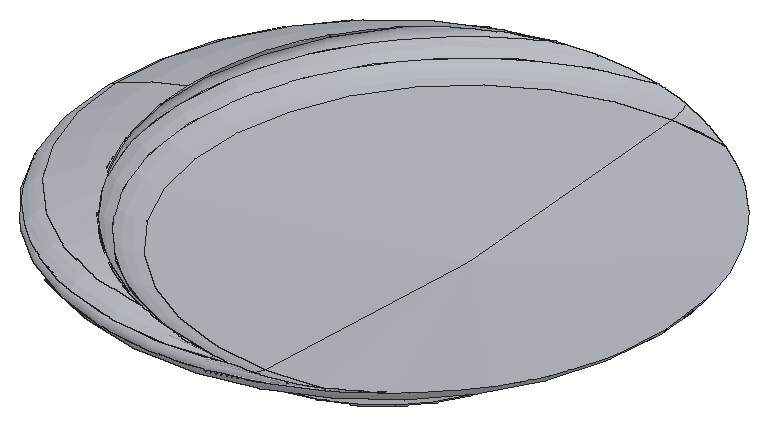
Revit family "Flindt Wall 400", category Lighting Fixtures, host Face, Revit 2015
Parameters
  Width = 0 mm
  Weight (Kg) = 0
  Wattage = 96 W
  built-in parameter 1150110 = 1 (stored number, unit not read)
  Voltage (US Only) = 0 V
  Trim and Accessories = ""
  built-in parameter 1114217 = 1 (stored number, unit not read)
  Tilt Angle = -90.00°
  built-in parameter 1150109 = 1 (stored number, unit not read)
  built-in parameter 1150134 = 3
  built-in parameter 1150113 = 1 (stored number, unit not read)
  Reflector Finish = none
  Product Documentation Link = ""
  Product Code = "x"
  Product Category = "Pendant"
  Power Factor (US Only) = 0
  Photometric Web File = "generic"
  Option = ""
  Number of Poles (US Only) = 0
  built-in parameter 1150142 = (empty or 0)
  Manufacturer = "Louis Poulsen Lighting"
  built-in parameter 1150105 = 267.38 (stored number, unit not read)
  Lumens = 3360 lm
  built-in parameter 1150115 = 1 (stored number, unit not read)
  Lighting Technique = ""
  built-in parameter 1150137 = (empty or 0)
  built-in parameter 1150139 = (empty or 0)
  Length = 0 mm
  built-in parameter 1150112 = 1 (stored number, unit not read)
  built-in parameter 1150114 = 1 (stored number, unit not read)
  Lamp = "x"
  Insulation Class (Not US) = ""
  built-in parameter 1150132 = 2
  built-in parameter 1150102 = (empty or 0)
  built-in parameter 1150107 = 3200 (stored number, unit not read)
  built-in parameter 1150138 = (empty or 0)
  built-in parameter 1150106 = 2.6738 (stored number, unit not read)
  IP (Not US) = ""
  IK (Not US - Outdoor only) = ""
  Height = 0 mm
  Efficiency (Lm/W) = ""
  built-in parameter 1150104 = 3.2516 (stored number, unit not read)
  Drawn By = "Louis Poulsen Lighting"
  Dimming Lamp Color Temperature Shift = <None>
  Designer = ""
  Description = "x"
  Default Elevation = 1000 mm
  Cut-off = "N/A"
  Color Filter = 16777215
  CRI = ""
  Build-in height = ""
  Bug Rating (US Outdoor Only) = "N/A"
  Body Finish = Louis Poulsen - ALU COL TEXT - 162
  built-in parameter 1114218 = 1 (stored number, unit not read)
  built-in parameter 1150133 = 10 (stored number, unit not read)
Reference planes
  plane 1 "Center (Front/Back)": y = 0
  plane 2: z = 0
  plane 3 "Center (Left/Right)": x = 0
Forms (mm)
  Revolve 1, solid, material "Louis Poulsen - ALU COL TEXT - 162" <- "Body Finish"
    sketch origin (0, 0, 0) x (1, 0, 0) y (0, 0, 1)
      loop
        line (0, 0) -> (0, 111.349)
        arc (0, 111.349) -> (-68.271, 106.759) -> (-136.302, 99.424) r 1700.099
        arc (-136.302, 99.424) -> (-165.2, 93.465) -> (-192.865, 83.205) r 194.646
        arc (-192.865, 83.205) -> (-199.286, 79.217) -> (-204.523, 73.765) r 30.352
        arc (-204.523, 73.765) -> (-206.001, 69.883) -> (-205.219, 65.804) r 7.606
        arc (-205.219, 65.804) -> (-201.637, 60.657) -> (-196.755, 56.722) r 22.129
        arc (-196.755, 56.722) -> (-193.215, 54.714) -> (-189.57, 52.902) r 74.727
        arc (-189.57, 52.902) -> (-175.748, 47.052) -> (-161.563, 42.151) r 221.736
        arc (-161.563, 42.151) -> (-135.604, 35.029) -> (-109.252, 29.534) r 433.233
        arc (-109.252, 29.534) -> (-106.154, 27.781) -> (-104.849, 24.469) r 5.332
        line (-104.849, 24.469) -> (-104.027, 0.913)
        arc (-104.027, 0.913) -> (-103.519, 0.251) -> (-102.723, 0) r 1.388
        line (-102.723, 0) -> (0, 0)
      axis (0, 111.349) -> (0, 0)
    angle from 0 to 360
  Revolve 2, void
    sketch origin (60.634, 0, 15.558) x (0, 1, 0) y (0, 0, 1)
      loop
        arc (-209.43, 69.008) -> (-205.952, 63.905) -> (-201.531, 59.594) r 30.94
        arc (-201.531, 59.594) -> (-193.007, 54.518) -> (-183.434, 51.912) r 36.678
        arc (-183.434, 51.912) -> (-91.911, 43.163) -> (0, 40.802) r 1320.803
        line (0, 40.802) -> (0, 44.722) -> (0, 136.814) -> (-172.867, 103.212)
        arc (-172.867, 103.212) -> (-170.848, 101.261) -> (-172.078, 98.736) r 2.39
        arc (-172.078, 98.736) -> (-185.566, 91.777) -> (-199.236, 85.18) r 567.296
        arc (-199.236, 85.18) -> (-204.528, 81.709) -> (-208.865, 77.1) r 26.974
        arc (-208.865, 77.1) -> (-210.328, 73.137) -> (-209.43, 69.008) r 7.542
      axis (0, 136.814) -> (0, 40.802)
    angle from 0 to 360
Cuts and joins
  Revolve 2 cuts Revolve 1
Dimensions and locks
  aligned and locked: plane 2 to host face
  aligned and locked: level to host face
Nested families
  nested 1: "LP-Revit-Annotation" at (0, 0, 0), type "LP-Revit-Annotation"
Definition of nested family "LP-Revit-Annotation"
  Reference planes
    plane 1: y = 0
    plane 2: x = 0
  Lines and regions (mm)
    detail lines
      curve 1: circle (0, 0, 0) r 2.5 normal (0, 0, 1)
      curve 2: line (-1.768, -1.768, 0) -> (1.768, 1.768, 0)
      curve 3: line (-1.768, 1.768, 0) -> (1.768, -1.768, 0)
  Dimensions and locks
    radius of curve 1 = 2.5 mm
